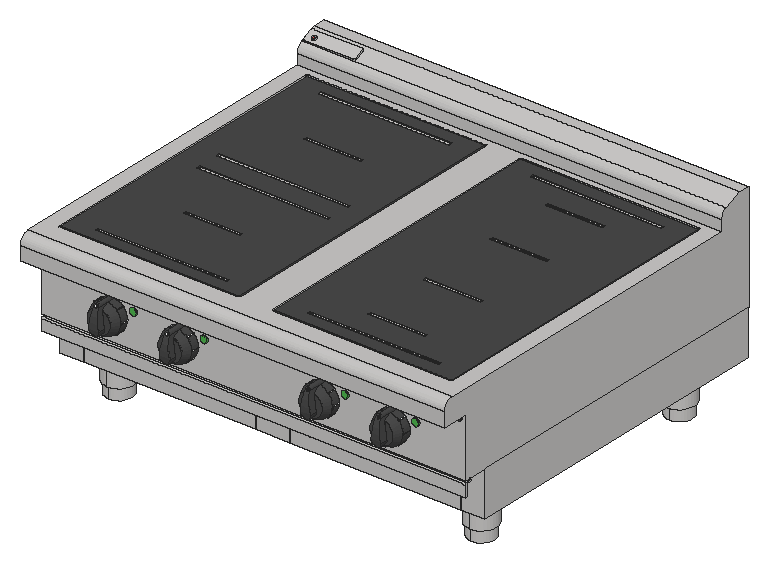
Revit family "QF_Moffat_INL8400R3F-B_Induction Cooktop_cat", category Specialty Equipment, Revit 2019
Family settings
  Round Connector Dimension = Use Diameter
  Part Type = Normal
  Work Plane-Based = No
  Always vertical = Yes
  Cut with Voids When Loaded = No
  Shared = No
  Room Calculation Point = No
Parameters (values of type "IN511F-B")
  Weight in Kilograms = 105
  Watts = 17 W
  Volts = 400 V
  URL Cutsheet = ""
  Specification by User = ""
  Specification by Manufacturer = ""
  Show Logo [instance] = yes
  Serial Number = ""
  Seismic Rating = ""
  SMACNA No = ""
  Revision Code = ""
  Phase = 3
  Number of Poles = 1
  NAFEM Spec ID Number = ""
  Model = "INL8400R3F-B"
  Min Ckt Ampacity = 0 A
  Max Overcurrent Protection = 0 A
  Masterspec = ""
  Manufacturer = "Moffat"
  Length = 900 mm
  Item Number = ""
  Installed By = ""
  Identify Quantity as Lot = yes
  Height = 410 mm
  HP = ""
  Furnished By = ""
  Foodservice Equipment Identifier = yes
  FL Amps = 24 A
  Electrical Remarks = ""
  Electric Connection Type = ""
  Elec Conn RI Height = 0 mm
  Elec Conn Connection Height = 0 mm
  Description = "Induction Cooktop"
  Depth = 805 mm
  Cycle = 50 Hz
  Conn Plug = ""
  Conn Conduit = yes
  CSI MasterFormat = ""
  Apparent Power = if(Phase = 3, Volts * FL Amps * 1.73, Volts * FL Amps)  # 16608 VA
Reference planes
  plane 1 "BACK": y = 0
  plane 2: z = 0
  plane 3 "LEFT": x = 0
  plane 4 "RIGHT": x = 900
  plane 5 "FRONT": y = -805
  plane 6 "TOP": z = 410
  plane 7 "Center Y": x = 450
  plane 8 "Center X": y = -402.5
  plane 9: x = 65.5
  plane 10: y = -30
  plane 11: x = 770
  plane 12: z = 85
  plane 13: y = -100
  plane 14: y = -625
  plane 15: y = -70
  plane 16: z = 355
  plane 17: z = 75
  plane 18: x = 834.5
Forms (mm)
  Extrusion 1, solid, material "QF_Metal_Stainless_Polished"
    sketch origin (0, 0, 0) x (0, 1, 0) y (0, 0, 1)
      loop
        line (0, 180) -> (0, 410) -> (-23.147, 410) -> (-57.632, 395.362)
        arc (-57.632, 395.362) -> (-66.628, 387.88) -> (-70, 376.676) r 20.3
        line (-70, 376.676) -> (-70, 355) -> (-784.417, 355)
        arc (-784.417, 355) -> (-798.971, 348.971) -> (-805, 334.417) r 20.583
        line (-805, 334.417) -> (-805, 305) -> (-749, 305) -> (-749, 180) -> (0, 180)
    from 0 to 900
  Extrusion 2, void
    sketch origin (0, -784.171, 355) x (0, 1, 0) y (-1, 0, 0)
      loop
        arc (699.341, -37.323) -> (697.584, -33.08) -> (693.341, -31.323) r 6
        line (693.341, -31.323) -> (45.245, -31.323)
        arc (45.245, -31.323) -> (41.002, -33.08) -> (39.245, -37.323) r 6
        line (39.245, -37.323) -> (39.245, -410.105)
        arc (39.245, -410.105) -> (41.002, -414.347) -> (45.245, -416.105) r 6
        line (45.245, -416.105) -> (693.341, -416.105)
        arc (693.341, -416.105) -> (697.584, -414.347) -> (699.341, -410.105) r 6
        line (699.341, -410.105) -> (699.341, -37.323)
      loop
        line (699.341, -862.677) -> (699.341, -489.895)
        arc (699.341, -489.895) -> (697.584, -485.653) -> (693.341, -483.895) r 6
        line (693.341, -483.895) -> (45.245, -483.895)
        arc (45.245, -483.895) -> (41.002, -485.653) -> (39.245, -489.895) r 6
        line (39.245, -489.895) -> (39.245, -862.677)
        arc (39.245, -862.677) -> (41.002, -866.92) -> (45.245, -868.677) r 6
        line (45.245, -868.677) -> (693.341, -868.677)
        arc (693.341, -868.677) -> (697.584, -866.92) -> (699.341, -862.677) r 6
    from 0 to -9.5
  Extrusion 3, solid, material "QF_Plastic_Black_Smooth"
    sketch origin (0, -784.171, 355) x (0, 1, 0) y (-1, 0, 0)
      loop
        line (695.341, -410.105) -> (695.341, -37.323)
        arc (695.341, -37.323) -> (694.755, -35.908) -> (693.341, -35.323) r 2
        line (693.341, -35.323) -> (45.245, -35.323)
        arc (45.245, -35.323) -> (43.831, -35.908) -> (43.245, -37.323) r 2
        line (43.245, -37.323) -> (43.245, -410.105)
        arc (43.245, -410.105) -> (43.831, -411.519) -> (45.245, -412.105) r 2
        line (45.245, -412.105) -> (693.341, -412.105)
        arc (693.341, -412.105) -> (694.755, -411.519) -> (695.341, -410.105) r 2
      loop
        line (667.194, -86.598) -> (661.194, -86.598) -> (661.194, -363.75) -> (667.194, -363.75) -> (667.194, -86.598)
      loop
        line (526.611, -163.924) -> (526.611, -283.924) -> (532.611, -283.924) -> (532.611, -163.924) -> (526.611, -163.924)
      loop
        line (398.444, -86.598) -> (392.444, -86.598) -> (392.444, -363.75) -> (398.444, -363.75) -> (398.444, -86.598)
      loop
        line (345.944, -86.598) -> (339.944, -86.598) -> (339.944, -363.75) -> (345.944, -363.75) -> (345.944, -86.598)
      loop
        line (206.611, -163.924) -> (206.611, -283.924) -> (212.611, -283.924) -> (212.611, -163.924) -> (206.611, -163.924)
      loop
        line (77.194, -86.598) -> (71.194, -86.598) -> (71.194, -363.75) -> (77.194, -363.75) -> (77.194, -86.598)
      loop
        arc (695.341, -489.895) -> (694.755, -488.481) -> (693.341, -487.895) r 2
        line (693.341, -487.895) -> (45.245, -487.895)
        arc (45.245, -487.895) -> (43.831, -488.481) -> (43.245, -489.895) r 2
        line (43.245, -489.895) -> (43.245, -862.677)
        arc (43.245, -862.677) -> (43.831, -864.092) -> (45.245, -864.677) r 2
        line (45.245, -864.677) -> (693.341, -864.677)
        arc (693.341, -864.677) -> (694.755, -864.092) -> (695.341, -862.677) r 2
        line (695.341, -862.677) -> (695.341, -489.895)
      loop
        line (667.194, -813.402) -> (667.194, -536.25) -> (661.194, -536.25) -> (661.194, -813.402) -> (667.194, -813.402)
      loop
        line (601.611, -736.076) -> (607.611, -736.076) -> (607.611, -616.076) -> (601.611, -616.076) -> (601.611, -736.076)
      loop
        line (279.111, -736.076) -> (285.111, -736.076) -> (285.111, -616.076) -> (279.111, -616.076) -> (279.111, -736.076)
      loop
        line (77.194, -813.402) -> (77.194, -536.25) -> (71.194, -536.25) -> (71.194, -813.402) -> (77.194, -813.402)
      loop
        line (454.501, -736.076) -> (460.501, -736.076) -> (460.501, -616.076) -> (454.501, -616.076) -> (454.501, -736.076)
      loop
        line (131.211, -736.076) -> (137.211, -736.076) -> (137.211, -616.076) -> (131.211, -616.076) -> (131.211, -736.076)
    from 0 to -9.5
  Extrusion 4, solid, material "QF_Metal_Stainless_Polished"
    sketch origin (0, 0, 40) x (0, 1, 0) y (0, 0, 1)
      loop
        line (-739.467, 140) -> (-738.192, 134.838)
        arc (-738.192, 134.838) -> (-738.307, 134.302) -> (-738.799, 134.063) r 0.625
        line (-738.799, 134.063) -> (-746.111, 134.063)
        arc (-746.111, 134.063) -> (-748.011, 133.276) -> (-748.797, 131.377) r 2.686
        line (-748.797, 131.377) -> (-748.797, 107.627) -> (-747.197, 107.627) -> (-747.197, 131.242)
        arc (-747.197, 131.242) -> (-746.84, 132.105) -> (-745.976, 132.463) r 1.221
        line (-745.976, 132.463) -> (-738.755, 132.463)
        arc (-738.755, 132.463) -> (-737.028, 133.304) -> (-736.625, 135.182) r 2.194
        line (-736.625, 135.182) -> (-737.815, 140) -> (-739.467, 140)
    from 0 to 900
  Extrusion 5, solid, material "QF_Plastic_Black_Smooth"
    sketch origin (0, -749, 181.875) x (0, 0, 1) y (-1, 0, 0)
      loop
        circle (112.843, -13.157) r 5
      loop
        circle (112.843, -886.843) r 5
    from 0 to 1.6
  Extrusion 6, solid, material "QF_Metal_Stainless_Polished"
    sketch origin (450, -699, 85) x (0, 1, 0) y (1, 0, 0)
      loop
        circle (669, 320) r 6.35
    from 0 to 10
  Extrusion 7, solid, material "QF_Metal_Stainless_Polished"
    sketch origin (0, -699, 85) x (1, 0, 0) y (0, -1, 0)
      loop
        line (0, -699) -> (900, -699) -> (900, 0) -> (849.2, 0) -> (849.2, -25.4) -> (485.8, -25.4) -> (485.8, 0) -> (414.2, 0) -> (414.2, -25.4) -> (50.8, -25.4) -> (50.8, 0) -> (0, 0) -> (0, -699)
    from 0 to -95
  Extrusion 8, solid, material "QF_Metal_Stainless_Polished"
    sketch origin (50.8, -30, 85) x (0, 1, 0) y (0, 0, 1)
      loop
        line (-669, 0) -> (-643.6, 0) -> (-643.6, 26.45) -> (-669, 26.45) -> (-669, 0)
      loop
        line (-669, 32.45) -> (-643.6, 32.45) -> (-643.6, 66.4) -> (-669, 66.4) -> (-669, 32.45)
      loop
        line (-669, 67.4) -> (-643.6, 67.4) -> (-643.6, 95) -> (-669, 95) -> (-669, 67.4)
    from 0 to 363.4
  Revolve 9, solid, material "QF_Metal_Stainless_Polished"
    sketch origin (65.5, -4572, -304.8) x (0, 0, -1) y (0, -1, 0)
      loop
        line (-304.8, -4499.5) -> (-304.8, -4472) -> (-389.8, -4472) -> (-389.8, -4503.75) -> (-329.8, -4503.75) -> (-329.8, -4499.5) -> (-304.8, -4499.5)
      axis (-389.8, -4472) -> (-304.8, -4472)
    angle from 0 to 360
  Revolve 10, solid, material "QF_Metal_Stainless_Polished"
    sketch origin (65.5, -4572, -304.8) x (0, 0, -1) y (0, -1, 0)
      loop
        line (-304.8, -3974.5) -> (-304.8, -3947) -> (-389.8, -3947) -> (-389.8, -3978.75) -> (-329.8, -3978.75) -> (-329.8, -3974.5) -> (-304.8, -3974.5)
      axis (-389.8, -3947) -> (-304.8, -3947)
    angle from 0 to 360
  Revolve 11, solid, material "QF_Metal_Stainless_Polished"
    sketch origin (834.5, -4572, -304.8) x (0, 0, -1) y (0, 1, 0)
      loop
        line (-304.8, 4499.5) -> (-329.8, 4499.5) -> (-329.8, 4503.75) -> (-389.8, 4503.75) -> (-389.8, 4472) -> (-304.8, 4472) -> (-304.8, 4499.5)
      axis (-389.8, 4472) -> (-304.8, 4472)
    angle from 0 to 360
  Revolve 12, solid, material "QF_Metal_Stainless_Polished"
    sketch origin (834.5, -4572, -304.8) x (0, 0, -1) y (0, 1, 0)
      loop
        line (-304.8, 3974.5) -> (-329.8, 3974.5) -> (-329.8, 3978.75) -> (-389.8, 3978.75) -> (-389.8, 3947) -> (-304.8, 3947) -> (-304.8, 3974.5)
      axis (-389.8, 3947) -> (-304.8, 3947)
    angle from 0 to 360
  Extrusion 13, solid, material "QF_Metal_Stainless_Polished"
    sketch origin (900, 0, 0) x (-1, 0, 0) y (0, -1, 0)
      loop
        line (536.25, 122.976) -> (536.25, 116.976) -> (813.402, 116.976) -> (813.402, 122.976) -> (536.25, 122.976)
      loop
        line (736.076, 251.56) -> (736.076, 257.56) -> (616.076, 257.56) -> (616.076, 251.56) -> (736.076, 251.56)
      loop
        line (813.402, 385.726) -> (813.402, 391.726) -> (536.25, 391.726) -> (536.25, 385.726) -> (813.402, 385.726)
      loop
        line (813.402, 438.226) -> (813.402, 444.226) -> (536.25, 444.226) -> (536.25, 438.226) -> (813.402, 438.226)
      loop
        line (736.076, 571.56) -> (736.076, 577.56) -> (616.076, 577.56) -> (616.076, 571.56) -> (736.076, 571.56)
      loop
        line (536.25, 712.976) -> (536.25, 706.976) -> (813.402, 706.976) -> (813.402, 712.976) -> (536.25, 712.976)
      loop
        line (86.598, 712.976) -> (86.598, 706.976) -> (363.75, 706.976) -> (363.75, 712.976) -> (86.598, 712.976)
      loop
        line (163.924, 652.959) -> (163.924, 646.959) -> (283.924, 646.959) -> (283.924, 652.959) -> (163.924, 652.959)
      loop
        line (163.924, 505.06) -> (163.924, 499.06) -> (283.924, 499.06) -> (283.924, 505.06) -> (163.924, 505.06)
      loop
        line (163.924, 329.669) -> (163.924, 323.669) -> (283.924, 323.669) -> (283.924, 329.669) -> (163.924, 329.669)
      loop
        line (163.924, 182.56) -> (163.924, 176.56) -> (283.924, 176.56) -> (283.924, 182.56) -> (163.924, 182.56)
      loop
        line (86.598, 122.976) -> (86.598, 116.976) -> (363.75, 116.976) -> (363.75, 122.976) -> (86.598, 122.976)
    from 355 to 345.5
  Extrusion 14, solid, material "QF_Paint_Green"
    sketch origin (63.231, -748.999, 153.75) x (0, 0, 1) y (-1, 0, 0)
      loop
        circle (100.3, -282.5) r 7.15
    from 0 to 1.6
  Extrusion 15, solid, material "QF_Plastic_Black_Smooth"
    sketch origin (75, -748.999, 165.625) x (0, 0, 1) y (-1, 0, 0)
      loop
        circle (112.843, -225) r 5
    from 0 to 1.6
  Extrusion 16, solid, material "QF_Paint_Green"
    sketch origin (-86.769, -748.999, 153.75) x (0, 0, 1) y (-1, 0, 0)
      loop
        circle (100.3, -282.5) r 7.15
    from 0 to 1.6
  Extrusion 17, solid, material "QF_Plastic_Black_Smooth"
    sketch origin (-75, -748.999, 165.625) x (0, 0, 1) y (-1, 0, 0)
      loop
        circle (112.843, -225) r 5
    from 0 to 1.6
  Extrusion 18, solid, material "QF_Paint_Green"
    sketch origin (511.981, -748.999, 153.75) x (0, 0, 1) y (-1, 0, 0)
      loop
        circle (100.3, -282.5) r 7.15
    from 0 to 1.6
  Extrusion 19, solid, material "QF_Plastic_Black_Smooth"
    sketch origin (523.75, -748.999, 165.625) x (0, 0, 1) y (-1, 0, 0)
      loop
        circle (112.843, -225) r 5
    from 0 to 1.6
  Extrusion 20, solid, material "QF_Paint_Green"
    sketch origin (361.981, -748.999, 153.75) x (0, 0, 1) y (-1, 0, 0)
      loop
        circle (100.3, -282.5) r 7.15
    from 0 to 1.6
  Extrusion 21, solid, material "QF_Plastic_Black_Smooth"
    sketch origin (373.75, -748.999, 165.625) x (0, 0, 1) y (-1, 0, 0)
      loop
        circle (112.843, -225) r 5
    from 0 to 1.6
  Extrusion 22, solid, material "QF_Metal_Stainless_Polished"
    sketch origin (849.2, -30, 85) x (0, 1, 0) y (0, 0, -1)
      loop
        line (-669, 0) -> (-669, -26.45) -> (-643.6, -26.45) -> (-643.6, 0) -> (-669, 0)
      loop
        line (-669, -32.45) -> (-669, -66.4) -> (-643.6, -66.4) -> (-643.6, -32.45) -> (-669, -32.45)
      loop
        line (-669, -67.4) -> (-669, -95) -> (-643.6, -95) -> (-643.6, -67.4) -> (-669, -67.4)
    from 0 to 363.4
Cuts and joins
  Extrusion 2 cuts Extrusion 1
Lines and regions (mm)
  symbolic lines
    curve 1: line (0, 0, 0) -> (900, 0, 0)
    curve 2: line (0, -805, 0) -> (0, 0, 0)
    curve 3: line (900, -805, 0) -> (0, -805, 0)
    curve 4: line (900, 0, 0) -> (900, -805, 0)
    curve 5: line (0, -18.182, 0) -> (900, -18.182, 0)
    curve 6: line (0, -70, 0) -> (900, -70, 0)
    curve 7: line (37.323, -84.83, 0) -> (410.105, -84.83, 0)
    curve 8: arc (410.105, -84.83, 0) -> (414.347, -86.587, 0) -> (416.105, -90.83, 0) r 6
    curve 9: line (416.105, -90.83, 0) -> (416.105, -738.926, 0)
    curve 10: arc (416.105, -738.926, 0) -> (414.347, -743.168, 0) -> (410.105, -744.926, 0) r 6
    curve 11: line (410.105, -744.926, 0) -> (37.323, -744.926, 0)
    curve 12: arc (37.323, -744.926, 0) -> (33.08, -743.168, 0) -> (31.323, -738.926, 0) r 6
    curve 13: line (31.323, -738.926, 0) -> (31.323, -90.83, 0)
    curve 14: arc (31.323, -90.83, 0) -> (33.08, -86.587, 0) -> (37.323, -84.83, 0) r 6
    curve 15: line (410.105, -88.83, 0) -> (37.323, -88.83, 0)
    curve 16: arc (37.323, -88.83, 0) -> (35.908, -89.415, 0) -> (35.323, -90.83, 0) r 2
    curve 17: line (35.323, -90.83, 0) -> (35.323, -738.926, 0)
    curve 18: arc (35.323, -738.926, 0) -> (35.908, -740.34, 0) -> (37.323, -740.926, 0) r 2
    curve 19: line (37.323, -740.926, 0) -> (410.105, -740.926, 0)
    curve 20: arc (410.105, -740.926, 0) -> (411.519, -740.34, 0) -> (412.105, -738.926, 0) r 2
    curve 21: line (412.105, -738.926, 0) -> (412.105, -90.83, 0)
    curve 22: arc (412.105, -90.83, 0) -> (411.519, -89.415, 0) -> (410.105, -88.83, 0) r 2
    curve 23: line (416.105, -738.926, 0) -> (416.105, -90.83, 0)
    curve 24: line (412.105, -90.83, 0) -> (412.105, -738.926, 0)
    curve 25: line (862.677, -84.83, 0) -> (489.895, -84.83, 0)
    curve 26: arc (489.895, -84.83, 0) -> (485.653, -86.587, 0) -> (483.895, -90.83, 0) r 6
    curve 27: arc (483.895, -738.926, 0) -> (485.653, -743.168, 0) -> (489.895, -744.926, 0) r 6
    curve 28: line (489.895, -744.926, 0) -> (862.677, -744.926, 0)
    curve 29: arc (862.677, -744.926, 0) -> (866.92, -743.168, 0) -> (868.677, -738.926, 0) r 6
    curve 30: line (868.677, -738.926, 0) -> (868.677, -90.83, 0)
    curve 31: arc (868.677, -90.83, 0) -> (866.92, -86.587, 0) -> (862.677, -84.83, 0) r 6
    curve 32: line (489.895, -88.83, 0) -> (862.677, -88.83, 0)
    curve 33: arc (862.677, -88.83, 0) -> (864.092, -89.415, 0) -> (864.677, -90.83, 0) r 2
    curve 34: line (864.677, -90.83, 0) -> (864.677, -738.926, 0)
    curve 35: arc (864.677, -738.926, 0) -> (864.092, -740.34, 0) -> (862.677, -740.926, 0) r 2
    curve 36: line (862.677, -740.926, 0) -> (489.895, -740.926, 0)
    curve 37: arc (489.895, -740.926, 0) -> (488.481, -740.34, 0) -> (487.895, -738.926, 0) r 2
    curve 38: arc (487.895, -90.83, 0) -> (488.481, -89.415, 0) -> (489.895, -88.83, 0) r 2
    curve 39: line (487.895, -90.83, 0) -> (487.895, -738.926, 0)
    curve 40: arc (487.895, -738.926, 0) -> (488.481, -740.34, 0) -> (489.895, -740.926, 0) r 2
    curve 41: line (489.895, -740.926, 0) -> (862.677, -740.926, 0)
    curve 42: arc (862.677, -740.926, 0) -> (864.092, -740.34, 0) -> (864.677, -738.926, 0) r 2
    curve 43: line (864.677, -738.926, 0) -> (864.677, -90.83, 0)
    curve 44: arc (864.677, -90.83, 0) -> (864.092, -89.415, 0) -> (862.677, -88.83, 0) r 2
    curve 45: line (862.677, -88.83, 0) -> (489.895, -88.83, 0)
    curve 46: arc (489.895, -88.83, 0) -> (488.481, -89.415, 0) -> (487.895, -90.83, 0) r 2
    curve 47: line (483.895, -90.83, 0) -> (483.895, -738.926, 0)
    curve 48: arc (483.895, -738.926, 0) -> (485.653, -743.168, 0) -> (489.895, -744.926, 0) r 6
    curve 49: line (489.895, -744.926, 0) -> (862.677, -744.926, 0)
    curve 50: arc (862.677, -744.926, 0) -> (866.92, -743.168, 0) -> (868.677, -738.926, 0) r 6
    curve 51: line (868.677, -738.926, 0) -> (868.677, -90.83, 0)
    curve 52: arc (868.677, -90.83, 0) -> (866.92, -86.587, 0) -> (862.677, -84.83, 0) r 6
    curve 53: line (862.677, -84.83, 0) -> (489.895, -84.83, 0)
    curve 54: arc (489.895, -84.83, 0) -> (485.653, -86.587, 0) -> (483.895, -90.83, 0) r 6
    curve 55: line (86.598, -122.976, 0) -> (363.75, -122.976, 0)
    curve 56: line (363.75, -122.976, 0) -> (363.75, -116.976, 0)
    curve 57: line (363.75, -116.976, 0) -> (86.598, -116.976, 0)
    curve 58: line (86.598, -116.976, 0) -> (86.598, -122.976, 0)
    curve 59: line (283.924, -251.56, 0) -> (163.924, -251.56, 0)
    curve 60: line (163.924, -251.56, 0) -> (163.924, -257.56, 0)
    curve 61: line (163.924, -257.56, 0) -> (283.924, -257.56, 0)
    curve 62: line (283.924, -257.56, 0) -> (283.924, -251.56, 0)
    curve 63: line (536.25, -122.976, 0) -> (813.402, -122.976, 0)
    curve 64: line (813.402, -122.976, 0) -> (813.402, -116.976, 0)
    curve 65: line (813.402, -116.976, 0) -> (536.25, -116.976, 0)
    curve 66: line (536.25, -116.976, 0) -> (536.25, -122.976, 0)
    curve 67: line (736.076, -176.56, 0) -> (616.076, -176.56, 0)
    curve 68: line (616.076, -176.56, 0) -> (616.076, -182.56, 0)
    curve 69: line (616.076, -182.56, 0) -> (736.076, -182.56, 0)
    curve 70: line (736.076, -182.56, 0) -> (736.076, -176.56, 0)
    curve 71: line (736.076, -323.669, 0) -> (616.076, -323.669, 0)
    curve 72: line (616.076, -323.669, 0) -> (616.076, -329.669, 0)
    curve 73: line (616.076, -329.669, 0) -> (736.076, -329.669, 0)
    curve 74: line (736.076, -329.669, 0) -> (736.076, -323.669, 0)
    curve 75: line (736.076, -499.06, 0) -> (616.076, -499.06, 0)
    curve 76: line (616.076, -499.06, 0) -> (616.076, -505.06, 0)
    curve 77: line (616.076, -505.06, 0) -> (736.076, -505.06, 0)
    curve 78: line (736.076, -505.06, 0) -> (736.076, -499.06, 0)
    curve 79: line (736.076, -646.959, 0) -> (616.076, -646.959, 0)
    curve 80: line (616.076, -646.959, 0) -> (616.076, -652.959, 0)
    curve 81: line (616.076, -652.959, 0) -> (736.076, -652.959, 0)
    curve 82: line (736.076, -652.959, 0) -> (736.076, -646.959, 0)
    curve 83: line (813.402, -706.976, 0) -> (536.25, -706.976, 0)
    curve 84: line (536.25, -706.976, 0) -> (536.25, -712.976, 0)
    curve 85: line (536.25, -712.976, 0) -> (813.402, -712.976, 0)
    curve 86: line (813.402, -712.976, 0) -> (813.402, -706.976, 0)
    curve 87: line (86.598, -712.976, 0) -> (363.75, -712.976, 0)
    curve 88: line (363.75, -712.976, 0) -> (363.75, -706.976, 0)
    curve 89: line (363.75, -706.976, 0) -> (86.598, -706.976, 0)
    curve 90: line (86.598, -706.976, 0) -> (86.598, -712.976, 0)
    curve 91: line (283.924, -577.56, 0) -> (163.924, -577.56, 0)
    curve 92: line (163.924, -577.56, 0) -> (163.924, -571.56, 0)
    curve 93: line (163.924, -571.56, 0) -> (283.924, -571.56, 0)
    curve 94: line (283.924, -571.56, 0) -> (283.924, -577.56, 0)
    curve 95: line (86.598, -444.226, 0) -> (363.75, -444.226, 0)
    curve 96: line (363.75, -444.226, 0) -> (363.75, -438.226, 0)
    curve 97: line (363.75, -438.226, 0) -> (86.598, -438.226, 0)
    curve 98: line (86.598, -438.226, 0) -> (86.598, -444.226, 0)
    curve 99: line (86.598, -391.726, 0) -> (363.75, -391.726, 0)
    curve 100: line (363.75, -391.726, 0) -> (363.75, -385.726, 0)
    curve 101: line (363.75, -385.726, 0) -> (86.598, -385.726, 0)
    curve 102: line (86.598, -385.726, 0) -> (86.598, -391.726, 0)
Dimensions and locks
  equal spacing: plane 3 "LEFT", plane 7 "Center Y", plane 4 "RIGHT"
  "Length": plane 3 "LEFT" to plane 4 "RIGHT"
  equal spacing: plane 5 "FRONT", plane 8 "Center X", plane 1 "BACK"
  "Depth": plane 5 "FRONT" to plane 1 "BACK"
  "Height": plane 6 "TOP" to level
  plane 4 "RIGHT" to plane 3 "LEFT" = 900 mm
  plane 1 "BACK" to plane 5 "FRONT" = 805 mm
  plane 6 "TOP" to plane 2 = 410 mm
  locked: plane 11 to plane 4 "RIGHT" at 130
  plane 1 "BACK" to plane 10 = 30 mm
  plane 1 "BACK" to plane 13 to plane 14 = 100 mm, 525 mm
  plane 1 "BACK" to plane 15 = 70 mm
  plane 16 to level = 355 mm
  level to plane 12 = 85 mm
  plane 17 to level = 75 mm
  plane 11 to plane 4 "RIGHT" = 130 mm
  plane 18 to plane 9 = 769 mm
  locked: plane 4 "RIGHT" to plane 18 at 65.5
  aligned and locked: level to plane 2
  aligned and locked: plane 18 to Revolve 12
  aligned and locked: plane 18 to Revolve 11
  aligned and locked: Extrusion 7 sketch curve to plane 4 "RIGHT"
  aligned and locked: Extrusion 4 to plane 4 "RIGHT"
  aligned and locked: Extrusion 22 to Extrusion 7  (x2)
Automatic sketch dimensions
  Extrusion 4 sketch curve to plane 5 "FRONT" = 56.203 mm
  Extrusion 4 sketch curve to Extrusion 4 sketch curve = 1.6 mm
  Extrusion 4 sketch curve to Extrusion 4 sketch curve = 1.086 mm
  Extrusion 4 sketch curve to Extrusion 4 sketch curve = 0.135 mm  (x2)
  Extrusion 4 sketch curve to Extrusion 4 sketch curve = 6.644 mm
  Extrusion 4 sketch curve to Extrusion 4 sketch curve = 0.668 mm
  Extrusion 4 sketch curve to Extrusion 4 sketch curve = 0.044 mm
  Extrusion 4 sketch curve to Extrusion 4 sketch curve = 0.563 mm
  Extrusion 4 sketch curve to Extrusion 4 sketch curve = 1.652 mm
  Extrusion 4 sketch curve to Extrusion 4 sketch curve = 1.567 mm
  Extrusion 4 sketch curve to plane 12 = 62.627 mm
  Extrusion 4 sketch curve to Extrusion 4 sketch curve = 23.614 mm
  Extrusion 4 sketch curve to Extrusion 4 sketch curve = 0.594 mm
  Extrusion 4 sketch curve to Extrusion 4 sketch curve = 0.032 mm
  Extrusion 4 sketch curve to Extrusion 4 sketch curve = 5.162 mm
  Extrusion 1 to Extrusion 5 sketch curve = 10.282 mm  (x2)
  Extrusion 1 to Extrusion 5 sketch curve = 13.157 mm  (x2)
  plane 12 to Revolve 9 sketch curve = 0 mm
  Revolve 9 sketch curve to level = 0 mm  (x2)
  Revolve 9 sketch curve to plane 13 = 0 mm  (x2)
  plane 15 to Revolve 9 sketch curve = 2.5 mm
  level to Revolve 9 sketch curve = 25 mm
  Revolve 9 sketch curve to plane 15 = 1.75 mm
  Revolve 9 sketch curve to Revolve 9 sketch curve = 25 mm
  plane 12 to Revolve 10 sketch curve = 0 mm
  Revolve 10 sketch curve to level = 0 mm  (x2)
  Revolve 10 sketch curve to plane 14 = 0 mm  (x2)
  level to Revolve 10 sketch curve = 25 mm
  Revolve 10 sketch curve to Revolve 10 sketch curve = 27.5 mm
  Revolve 10 sketch curve to Revolve 10 sketch curve = 31.75 mm
  Revolve 10 sketch curve to Revolve 10 sketch curve = 25 mm
  plane 12 to Revolve 11 sketch curve = 0 mm
  Revolve 11 sketch curve to level = 0 mm  (x2)
  Revolve 11 sketch curve to plane 13 = 0 mm  (x2)
  plane 15 to Revolve 11 sketch curve = 2.5 mm
  Revolve 11 sketch curve to Revolve 11 sketch curve = 25 mm
  Revolve 11 sketch curve to plane 15 = 1.75 mm
  Revolve 11 sketch curve to level = 25 mm
  plane 12 to Revolve 12 sketch curve = 0 mm
  Revolve 12 sketch curve to level = 0 mm  (x2)
  Revolve 12 sketch curve to plane 14 = 0 mm  (x2)
  level to Revolve 12 sketch curve = 25 mm
  Revolve 12 sketch curve to plane 14 = 27.5 mm
  Revolve 12 sketch curve to Revolve 12 sketch curve = 4.25 mm
  Revolve 12 sketch curve to Revolve 12 sketch curve = 25 mm
  Extrusion 16 sketch curve to plane 16 = 100.95 mm
  Extrusion 16 sketch curve to plane 9 = 130.231 mm
  Extrusion 17 sketch curve to plane 16 = 76.532 mm
  Extrusion 17 sketch curve to plane 9 = 84.5 mm
  Extrusion 18 sketch curve to plane 11 = 24.481 mm
  Extrusion 18 sketch curve to plane 16 = 100.95 mm
  Extrusion 19 sketch curve to plane 16 = 76.532 mm
  plane 11 to Extrusion 19 sketch curve = 21.25 mm
  plane 12 to Extrusion 22 sketch curve = 0 mm
  plane 14 to Extrusion 22 sketch curve = 74 mm
  Extrusion 22 sketch curve to Extrusion 22 sketch curve = 0 mm  (x4)
  Extrusion 22 sketch curve to Extrusion 22 sketch curve = 25.4 mm
  Extrusion 22 sketch curve to plane 12 = 26.45 mm
  Extrusion 22 sketch curve to Extrusion 22 sketch curve = 6 mm
  Extrusion 22 sketch curve to Extrusion 22 sketch curve = 33.95 mm
  Extrusion 22 sketch curve to Extrusion 22 sketch curve = 1 mm
  Extrusion 22 sketch curve to Extrusion 22 sketch curve = 27.6 mm
  Extrusion 7 to Extrusion 6 sketch curve = 30 mm
  Extrusion 6 sketch curve to Extrusion 7 = 79.2 mm
  Extrusion 7 sketch curve to plane 3 "LEFT" = 0 mm
  plane 1 "BACK" to Extrusion 7 sketch curve = 0 mm
  plane 9 to Extrusion 7 sketch curve = 14.7 mm
  Extrusion 7 sketch curve to plane 7 "Center Y" = 35.8 mm
  plane 7 "Center Y" to Extrusion 7 sketch curve = 35.8 mm
  plane 18 to Extrusion 7 sketch curve = 14.7 mm
  plane 14 to Extrusion 7 sketch curve = 48.6 mm  (x2)
  Extrusion 7 sketch curve to Extrusion 7 sketch curve = 25.4 mm  (x3)
  Extrusion 8 sketch curve to Extrusion 7 = 0 mm  (x8)
  Extrusion 7 to Extrusion 8 sketch curve = 26.45 mm
  Extrusion 8 sketch curve to Extrusion 8 sketch curve = 6 mm
  Extrusion 7 to Extrusion 8 sketch curve = 28.6 mm
  Extrusion 8 sketch curve to Extrusion 8 sketch curve = 1 mm
  Extrusion 14 sketch curve to plane 7 "Center Y" = 104.269 mm
  Extrusion 14 sketch curve to plane 16 = 100.95 mm
  Extrusion 15 sketch curve to plane 16 = 76.532 mm
  Extrusion 15 sketch curve to plane 7 "Center Y" = 150 mm
  Extrusion 20 sketch curve to plane 16 = 100.95 mm
  plane 7 "Center Y" to Extrusion 20 sketch curve = 194.481 mm
  Extrusion 21 sketch curve to plane 16 = 76.532 mm
  plane 7 "Center Y" to Extrusion 21 sketch curve = 148.75 mm
  Extrusion 2 sketch curve to Extrusion 1 = 39.492 mm  (x2)
  Extrusion 2 sketch curve to Extrusion 2 sketch curve = 6 mm  (x6)
  Extrusion 1 to Extrusion 2 sketch curve = 20.83 mm  (x4)
  Extrusion 1 to Extrusion 2 sketch curve = 31.323 mm
  Extrusion 2 sketch curve to Extrusion 2 sketch curve = 372.782 mm
  Extrusion 2 sketch curve to Extrusion 2 sketch curve = 67.791 mm
  Extrusion 1 to Extrusion 2 sketch curve = 37.323 mm
  Extrusion 3 sketch curve to Extrusion 1 = 43.492 mm  (x2)
  Extrusion 3 sketch curve to Extrusion 3 sketch curve = 2 mm  (x6)
  Extrusion 3 sketch curve to Extrusion 3 sketch curve = 25.949 mm  (x2)
  Extrusion 3 sketch curve to Extrusion 3 sketch curve = 6 mm  (x12)
  Extrusion 3 sketch curve to Extrusion 3 sketch curve = 54.017 mm
  Extrusion 3 sketch curve to Extrusion 3 sketch curve = 129.416 mm
  Extrusion 3 sketch curve to Extrusion 3 sketch curve = 141.899 mm
  Extrusion 3 sketch curve to Extrusion 3 sketch curve = 127.334 mm
  Extrusion 3 sketch curve to Extrusion 3 sketch curve = 46.5 mm
  Extrusion 3 sketch curve to Extrusion 3 sketch curve = 169.391 mm
  Extrusion 3 sketch curve to Extrusion 3 sketch curve = 128.166 mm
  Extrusion 1 to Extrusion 3 sketch curve = 112.56 mm
  Extrusion 1 to Extrusion 3 sketch curve = 52.976 mm  (x2)
  Extrusion 1 to Extrusion 3 sketch curve = 20.83 mm  (x4)
  Extrusion 1 to Extrusion 3 sketch curve = 35.323 mm
  Extrusion 3 sketch curve to Extrusion 3 sketch curve = 49.275 mm  (x2)
  Extrusion 3 sketch curve to Extrusion 3 sketch curve = 77.326 mm  (x2)
  Extrusion 1 to Extrusion 3 sketch curve = 163.924 mm
  Extrusion 3 sketch curve to Extrusion 3 sketch curve = 0 mm  (x3)
  Extrusion 3 sketch curve to Extrusion 3 sketch curve = 120 mm  (x6)
  Extrusion 3 sketch curve to Extrusion 3 sketch curve = 79.826 mm  (x4)
  Extrusion 3 sketch curve to Extrusion 3 sketch curve = 46.355 mm  (x3)
  Extrusion 3 sketch curve to Extrusion 3 sketch curve = 75.791 mm
  Extrusion 3 sketch curve to Extrusion 3 sketch curve = 252.326 mm
  Extrusion 1 to Extrusion 3 sketch curve = 86.598 mm  (x3)
  Extrusion 1 to Extrusion 3 sketch curve = 37.323 mm
  Extrusion 13 sketch curve to plane 13 = 22.976 mm
  plane 7 "Center Y" to Extrusion 13 sketch curve = 86.25 mm  (x3)
  plane 9 to Extrusion 13 sketch curve = 21.098 mm  (x4)
  Extrusion 13 sketch curve to Extrusion 13 sketch curve = 6 mm  (x11)
  Extrusion 13 sketch curve to Extrusion 13 sketch curve = 79.826 mm  (x3)
  plane 9 to Extrusion 13 sketch curve = 98.424 mm  (x2)
  Extrusion 13 sketch curve to Extrusion 13 sketch curve = 128.584 mm
  Extrusion 13 sketch curve to plane 8 "Center X" = 16.774 mm
  Extrusion 13 sketch curve to Extrusion 13 sketch curve = 0 mm
  plane 8 "Center X" to Extrusion 13 sketch curve = 35.726 mm
  plane 14 to Extrusion 13 sketch curve = 53.44 mm
  plane 14 to Extrusion 13 sketch curve = 47.44 mm
  Extrusion 13 sketch curve to plane 14 = 81.976 mm
  Extrusion 13 sketch curve to plane 7 "Center Y" = 86.25 mm  (x2)
  plane 18 to Extrusion 13 sketch curve = 21.098 mm  (x2)
  Extrusion 13 sketch curve to plane 14 = 87.976 mm
  Extrusion 13 sketch curve to plane 11 = 33.924 mm  (x4)
  Extrusion 13 sketch curve to plane 14 = 27.959 mm
  Extrusion 13 sketch curve to Extrusion 13 sketch curve = 120 mm  (x3)
  plane 8 "Center X" to Extrusion 13 sketch curve = 102.56 mm
  Extrusion 13 sketch curve to plane 8 "Center X" = 72.831 mm
  Extrusion 13 sketch curve to plane 13 = 82.56 mm
  Extrusion 13 sketch curve to plane 13 = 16.976 mm
  Extrusion 1 sketch curve to plane 5 "FRONT" = 0 mm
  Extrusion 1 sketch curve to plane 16 = 0 mm
  Extrusion 1 sketch curve to plane 15 = 0 mm
  Extrusion 1 sketch curve to plane 6 "TOP" = 0 mm
  Extrusion 1 sketch curve to plane 1 "BACK" = 0 mm
  Extrusion 1 sketch curve to Extrusion 1 sketch curve = 20.583 mm
  Extrusion 1 sketch curve to Extrusion 1 sketch curve = 35.417 mm
  Extrusion 1 sketch curve to plane 15 = 12.368 mm
  plane 10 to Extrusion 1 sketch curve = 19.7 mm
  Extrusion 1 sketch curve to plane 10 = 6.853 mm
  Extrusion 1 sketch curve to Extrusion 1 sketch curve = 29.417 mm
  Extrusion 1 sketch curve to plane 12 = 95 mm
  plane 16 to Extrusion 1 sketch curve = 21.676 mm
  curve 8 to curve 22 = 0 mm
  curve 10 to curve 20 = 0 mm  (x2)
  curve 12 to curve 18 = 0 mm  (x2)
  curve 14 to curve 16 = 0 mm  (x2)
  curve 27 to curve 37 = 0 mm
  curve 27 to curve 40 = 0 mm
  curve 29 to curve 35 = 0 mm
  curve 33 to curve 52 = 0 mm
  curve 42 to curve 50 = 0 mm
  curve 44 to curve 52 = 0 mm
  curve 46 to curve 54 = 0 mm
  plane 1 "BACK" to curve 1 = 0 mm
  curve 1 to plane 3 "LEFT" = 0 mm
  curve 6 to plane 4 "RIGHT" = 0 mm
  plane 5 "FRONT" to curve 3 = 0 mm
  plane 15 to curve 6 = 0 mm
  plane 3 "LEFT" to curve 13 = 31.323 mm
  curve 13 to curve 17 = 4 mm
  curve 16 to curve 16 = 2 mm
  curve 17 to curve 18 = 2 mm
  curve 102 to plane 9 = 21.098 mm
  curve 57 to plane 9 = 21.098 mm
  curve 87 to plane 9 = 21.098 mm
  curve 95 to plane 9 = 21.098 mm
  curve 91 to plane 14 = 47.44 mm
  curve 91 to plane 9 = 98.424 mm
  curve 60 to plane 9 = 98.424 mm
  curve 60 to curve 61 = 120 mm
  curve 93 to plane 14 = 53.44 mm
  curve 92 to curve 93 = 120 mm
  curve 96 to plane 8 "Center X" = 41.726 mm
  curve 96 to plane 7 "Center Y" = 86.25 mm
  plane 8 "Center X" to curve 99 = 10.774 mm
  curve 99 to curve 96 = 0 mm
  plane 13 to curve 56 = 16.976 mm
  curve 56 to plane 7 "Center Y" = 86.25 mm
  curve 89 to plane 7 "Center Y" = 86.25 mm
  curve 8 to plane 13 = 9.17 mm
  curve 8 to plane 7 "Center Y" = 39.895 mm
  curve 10 to plane 7 "Center Y" = 39.895 mm
  curve 8 to curve 21 = 2 mm
  plane 7 "Center Y" to curve 47 = 33.895 mm
  curve 27 to curve 39 = 4 mm
  curve 46 to curve 45 = 2 mm
  curve 37 to curve 36 = 2 mm
  plane 13 to curve 66 = 22.976 mm
  curve 46 to curve 66 = 46.355 mm
  curve 27 to curve 85 = 46.355 mm
  curve 63 to curve 67 = 79.826 mm
  plane 11 to curve 77 = 153.924 mm
  plane 14 to curve 80 = 21.959 mm
  curve 83 to curve 80 = 79.826 mm
  plane 8 "Center X" to curve 73 = 72.831 mm
  curve 73 to curve 68 = 0 mm
  plane 11 to curve 77 = 33.924 mm
  plane 11 to curve 67 = 33.924 mm
  plane 11 to curve 71 = 33.924 mm
  plane 11 to curve 81 = 33.924 mm
  curve 63 to plane 18 = 21.098 mm
  curve 85 to plane 18 = 21.098 mm
  plane 18 to curve 42 = 28.177 mm
  curve 32 to plane 13 = 11.17 mm
  plane 18 to curve 32 = 28.177 mm
  curve 31 to curve 34 = 2 mm
  curve 49 to plane 5 "FRONT" = 60.074 mm
  curve 11 to plane 5 "FRONT" = 60.074 mm
  curve 27 to curve 84 = 25.949 mm
  curve 10 to curve 87 = 25.949 mm
  curve 85 to curve 83 = 6 mm
  curve 87 to curve 90 = 6 mm
  curve 81 to curve 79 = 6 mm
  curve 78 to plane 8 "Center X" = 102.56 mm
  curve 77 to curve 75 = 6 mm
  curve 95 to curve 98 = 6 mm
  curve 99 to curve 100 = 6 mm
  curve 73 to curve 74 = 6 mm
  plane 8 "Center X" to curve 62 = 144.94 mm
  curve 61 to curve 62 = 6 mm
  plane 13 to curve 70 = 82.56 mm
  curve 68 to curve 68 = 6 mm
  curve 58 to curve 57 = 6 mm
  curve 63 to curve 65 = 6 mm
  curve 5 to plane 10 = 11.818 mm
  radius of Extrusion 5 sketch curve = 5 mm  (x2)
  radius of Extrusion 16 sketch curve = 7.15 mm
  radius of Extrusion 17 sketch curve = 5 mm
  radius of Extrusion 18 sketch curve = 7.15 mm
  radius of Extrusion 19 sketch curve = 5 mm
  radius of Extrusion 6 sketch curve = 6.35 mm
  radius of Extrusion 14 sketch curve = 7.15 mm
  radius of Extrusion 15 sketch curve = 5 mm
  radius of Extrusion 20 sketch curve = 7.15 mm
  radius of Extrusion 21 sketch curve = 5 mm
Nested families
  nested 1: "Knob" at (267.5, -739.499, 200.75), type "Knob"
  nested 2: "Knob" at (117.5, -739.499, 200.75), type "Knob"
  nested 3: "Knob" at (716.25, -739.499, 200.75), type "Knob"
  nested 4: "Knob" at (566.25, -739.499, 200.75), type "Knob"
  nested 5: "QF_LOGO_Waldorf1" at (2, -56.925, 395.662), visible <- "Show Logo", type "QF_LOGO_Waldorf 2"
Connectors
  electrical at (770, -30, 75), driven by "Volts", driven by "Watts"
    settings: on Extrusion 6, index 3, voltage 400 V, apparent load 17 VA, apparent load phase1 0 VA, apparent load phase2 0 VA, apparent load phase3 0 VA, power factor 1, load classification "Other", number of poles 1, system type 30, power factor state 1, is connector primary yes, connector utility no, sub classification motor no, connector description "ELECTRICAL CONNECTION"
Definition of nested family "Knob"
  Parameters (values of type "Knob")
    Weight in Pounds = 0
    URL Cutsheet = ""
    Specification by User = ""
    Specification by Manufacturer = ""
    Serial Number = ""
    Seismic Rating = ""
    SMACNA No = ""
    Revision Code = ""
    NAFEM Spec ID Number = ""
    Masterspec = ""
    Length = 65 mm
    Item Number = ""
    Installed By = ""
    Identify Quantity as Lot = yes
    Height = 69.5 mm
    Furnished By = ""
    Foodservice Equipment Identifier = yes
    Depth = 59 mm
    CSI MasterFormat = ""
  Reference planes
    plane 1 "BACK": y = 0
    plane 2: z = 0
    plane 3 "LEFT": x = 0
    plane 4 "RIGHT": x = 65
    plane 5 "FRONT": y = -59
    plane 6 "TOP": z = 69.5
    plane 7 "Center Y": x = 32.5
    plane 8 "Center X": y = -29.5
  Forms (mm)
    Revolve 1, solid
      sketch origin (32.5, 175.397, 1219.2) x (0, 1, 0) y (0, 0, 1)
        loop
          line (-175.397, -1186.7) -> (-219.397, -1186.7) -> (-219.397, -1211.501) -> (-202.106, -1219.2) -> (-185.397, -1219.2) -> (-185.397, -1191.7) -> (-175.397, -1191.7) -> (-175.397, -1186.7)
        axis (-219.397, -1186.7) -> (-175.397, -1186.7)
      angle from 0 to 360
    Extrusion 2, solid
      sketch origin (32.5, 175.397, 1219.2) x (0, 1, 0) y (0, 0, 1)
        loop
          line (-202.106, -1154.2) -> (-185.397, -1154.2) -> (-185.397, -1149.7) -> (-224.105, -1149.7)
          arc (-224.105, -1149.7) -> (-233.965, -1178.467) -> (-230.696, -1208.7) r 70
          line (-230.696, -1208.7) -> (-219.397, -1208.7) -> (-219.397, -1161.899) -> (-202.106, -1154.2)
      from -15 to 15
    Extrusion 3, void
      sketch origin (0, 0, 0) x (1, 0, 0) y (0, 0, 1)
        loop
          line (27.501, 64.613) -> (22.02, 20.585)
          arc (22.02, 20.585) -> (32.792, 10.488) -> (42.986, 21.169) r 10.487
          line (42.986, 21.169) -> (37.499, 64.613)
          arc (37.499, 64.613) -> (32.5, 69.5) -> (27.501, 64.613) r 5
        loop
          line (10, 72.977) -> (10, 5.625) -> (55, 5.625) -> (55, 72.977) -> (10, 72.977)
      from 6.142 to 69.687
    Extrusion 4, solid
      sketch origin (0, -34.115, -16.916) x (1, 0, 0) y (0, 0.45399, 0.891007)
        loop
          circle (32.497, 65) r 2
      from 51.525 to 53.075
    Extrusion 5, solid
      sketch origin (32.5, -10, 32.5) x (0, 0, -1) y (-1, 0, 0)
        loop
          line (-23.54, -22.408) -> (-24.106, -22.974)
          arc (-24.106, -22.974) -> (-23.547, -23.547) -> (-22.974, -24.106) r 33.3
          line (-22.974, -24.106) -> (-22.408, -23.54)
          arc (-22.408, -23.54) -> (-22.981, -22.981) -> (-23.54, -22.408) r 32.5
        loop
          arc (-0.8, -33.29) -> (0, -33.3) -> (0.8, -33.29) r 33.3
          line (0.8, -33.29) -> (0.8, -32.49)
          arc (0.8, -32.49) -> (0, -32.5) -> (-0.8, -32.49) r 32.5
          line (-0.8, -32.49) -> (-0.8, -33.29)
        loop
          arc (23.54, -22.408) -> (22.981, -22.981) -> (22.408, -23.54) r 32.5
          line (22.408, -23.54) -> (22.974, -24.106)
          arc (22.974, -24.106) -> (23.547, -23.547) -> (24.106, -22.974) r 33.3
          line (24.106, -22.974) -> (23.54, -22.408)
        loop
          arc (-23.54, 22.408) -> (-22.981, 22.981) -> (-22.408, 23.54) r 32.5
          line (-22.408, 23.54) -> (-22.974, 24.106)
          arc (-22.974, 24.106) -> (-23.547, 23.547) -> (-24.106, 22.974) r 33.3
          line (-24.106, 22.974) -> (-23.54, 22.408)
        loop
          line (-0.8, 33.29) -> (-0.8, 32.49)
          arc (-0.8, 32.49) -> (0, 32.5) -> (0.8, 32.49) r 32.5
          line (0.8, 32.49) -> (0.8, 33.29)
          arc (0.8, 33.29) -> (0, 33.3) -> (-0.8, 33.29) r 33.3
        loop
          line (32.49, -0.8) -> (33.29, -0.8)
          arc (33.29, -0.8) -> (33.3, 0) -> (33.29, 0.8) r 33.3
          line (33.29, 0.8) -> (32.49, 0.8)
          arc (32.49, 0.8) -> (32.5, 0) -> (32.49, -0.8) r 32.5
        loop
          arc (24.106, 22.974) -> (23.547, 23.547) -> (22.974, 24.106) r 33.3
          line (22.974, 24.106) -> (22.408, 23.54)
          arc (22.408, 23.54) -> (22.981, 22.981) -> (23.54, 22.408) r 32.5
          line (23.54, 22.408) -> (24.106, 22.974)
      from 0 to -16.709
  Cuts and joins
    Extrusion 3 cuts Extrusion 2
  Dimensions and locks
    equal spacing: plane 3 "LEFT", plane 7 "Center Y", plane 4 "RIGHT"
    "Length": plane 3 "LEFT" to plane 4 "RIGHT"
    equal spacing: plane 5 "FRONT", plane 8 "Center X", plane 1 "BACK"
    "Depth": plane 5 "FRONT" to plane 1 "BACK"
    "Height": plane 6 "TOP" to level
    plane 4 "RIGHT" to plane 3 "LEFT" = 65 mm
    aligned and locked: level to plane 2
  Automatic sketch dimensions
    Revolve 1 sketch curve to level = 0 mm
    Revolve 1 sketch curve to plane 1 "BACK" = 0 mm  (x2)
    plane 1 "BACK" to Revolve 1 sketch curve = 10 mm
    plane 8 "Center X" to Revolve 1 sketch curve = 2.791 mm
    Revolve 1 sketch curve to plane 8 "Center X" = 14.5 mm
    level to Revolve 1 sketch curve = 7.699 mm
    level to Revolve 1 sketch curve = 27.5 mm
    Revolve 1 sketch curve to Revolve 1 sketch curve = 5 mm
    Revolve 1 sketch curve to Revolve 1 sketch curve = 35 mm
    Revolve 1 sketch curve to Revolve 1 sketch curve = 0 mm
    Extrusion 2 sketch curve to plane 6 "TOP" = 0 mm
    Extrusion 2 sketch curve to plane 5 "FRONT" = 3.702 mm
    Extrusion 2 sketch curve to plane 5 "FRONT" = 10.293 mm
    Extrusion 2 sketch curve to Extrusion 2 sketch curve = 11.298 mm
    plane 8 "Center X" to Extrusion 2 sketch curve = 2.791 mm
    plane 1 "BACK" to Extrusion 2 sketch curve = 10 mm
    Extrusion 2 sketch curve to plane 1 "BACK" = 11 mm
    Extrusion 2 sketch curve to plane 6 "TOP" = 4.5 mm
    Extrusion 2 sketch curve to plane 6 "TOP" = 12.199 mm
    level to Extrusion 2 sketch curve = 32.962 mm
    level to Extrusion 3 sketch curve = 5.625 mm
    Extrusion 3 sketch curve to plane 7 "Center Y" = 0 mm  (x2)
    Extrusion 3 sketch curve to plane 7 "Center Y" = 4.999 mm
    Extrusion 3 sketch curve to plane 7 "Center Y" = 10.48 mm
    plane 6 "TOP" to Extrusion 3 sketch curve = 3.477 mm
    plane 3 "LEFT" to Extrusion 3 sketch curve = 10 mm
    Extrusion 3 sketch curve to plane 6 "TOP" = 4.887 mm
    Extrusion 3 sketch curve to Extrusion 3 sketch curve = 4.999 mm
    plane 7 "Center Y" to Extrusion 3 sketch curve = 10.486 mm
    level to Extrusion 3 sketch curve = 20.585 mm
    Extrusion 3 sketch curve to Extrusion 3 sketch curve = 0.387 mm
    Extrusion 3 sketch curve to Extrusion 3 sketch curve = 0.113 mm
    plane 4 "RIGHT" to Extrusion 3 sketch curve = 10 mm
    Extrusion 5 sketch curve to Revolve 1 = 32.49 mm
    Revolve 1 to Extrusion 5 sketch curve = 32.49 mm
    Extrusion 5 sketch curve to Revolve 1 = 23.54 mm  (x2)
    Revolve 1 to Extrusion 5 sketch curve = 23.54 mm  (x2)
    Extrusion 5 sketch curve to Revolve 1 = 24.106 mm  (x2)
    Revolve 1 to Extrusion 5 sketch curve = 24.106 mm  (x2)
    Revolve 1 to Extrusion 5 sketch curve = 22.408 mm  (x2)
    Extrusion 5 sketch curve to Revolve 1 = 22.408 mm  (x2)
    Revolve 1 to Extrusion 5 sketch curve = 22.974 mm  (x2)
    Extrusion 5 sketch curve to Revolve 1 = 22.974 mm  (x2)
    Extrusion 5 sketch curve to Extrusion 5 sketch curve = 1.6 mm  (x2)
    Revolve 1 to Extrusion 5 sketch curve = 0.8 mm
    Extrusion 5 sketch curve to Revolve 1 = 0.8 mm
    Extrusion 4 sketch curve to plane 7 "Center Y" = 0.003 mm
    radius of Extrusion 5 sketch curve to Revolve 1 = 0 mm  (x7)
    radius of Revolve 1 to Extrusion 5 sketch curve = 0.8 mm  (x7)
    radius of Extrusion 4 sketch curve = 2 mm
Definition of nested family "QF_LOGO_Waldorf1"
  Parameters (values of type "QF_LOGO_Waldorf")
    Weight in Pounds = 0
    URL Cutsheet = ""
    Specification by User = ""
    Specification by Manufacturer = ""
    Serial Number = ""
    Seismic Rating = ""
    SMACNA No = ""
    Revision Code = ""
    NAFEM Spec ID Number = ""
    Masterspec = ""
    Length = 138 mm
    Item Number = ""
    Installed By = ""
    Identify Quantity as Lot = yes
    Height = 26.711 mm
    Furnished By = ""
    Foodservice Equipment Identifier = yes
    Depth = 3.175 mm
    CSI MasterFormat = ""
  Reference planes
    plane 1 "BACK": y = 0
    plane 2: z = 0
    plane 3 "LEFT": x = 0
    plane 4 "RIGHT": x = 138
    plane 5 "FRONT": y = -3.175
    plane 6 "TOP": z = 26.711
    plane 7 "Center Y": x = 69
    plane 8 "Center X": y = -1.587
  Forms (mm)
    Extrusion 1, solid
      sketch origin (0, 0, 0) x (1, 0, 0) y (0, 0.920505, 0.390731)
        loop
          line (109, 3.464) -> (109, 23.247)
          spline (109, 23.247) -> (108.966, 23.699) -> (108.864, 24.143) -> (108.696, 24.572) -> (108.464, 24.979) -> (108.173, 25.355) -> (107.828, 25.696) -> (107.435, 25.995) -> (107, 26.247) -> (106.531, 26.447) -> (106.035, 26.593) -> (105.522, 26.681) -> (105, 26.711)
          line (105, 26.711) -> (4, 26.711)
          spline (4, 26.711) -> (3.478, 26.681) -> (2.965, 26.593) -> (2.469, 26.447) -> (2, 26.247) -> (1.565, 25.995) -> (1.172, 25.696) -> (0.827, 25.355) -> (0.536, 24.979) -> (0.304, 24.572) -> (0.136, 24.143) -> (0.034, 23.699) -> (0, 23.247)
          line (0, 23.247) -> (0, 3.464)
          spline (0, 3.464) -> (0.034, 3.012) -> (0.136, 2.568) -> (0.304, 2.138) -> (0.536, 1.732) -> (0.827, 1.355) -> (1.172, 1.015) -> (1.565, 0.716) -> (2, 0.464) -> (2.469, 0.264) -> (2.965, 0.118) -> (3.478, 0.03) -> (4, 0)
          line (4, 0) -> (105, 0)
          spline (105, 0) -> (105.522, 0.03) -> (106.035, 0.118) -> (106.531, 0.264) -> (107, 0.464) -> (107.435, 0.716) -> (107.828, 1.015) -> (108.173, 1.355) -> (108.464, 1.732) -> (108.696, 2.138) -> (108.864, 2.568) -> (108.966, 3.012) -> (109, 3.464)
        loop
          line (14.75, 7.005) -> (14.75, 15.654)
          arc (14.75, 15.654) -> (10.425, 11.329) -> (14.75, 7.005) r 4.325
        loop
          line (15.25, 15.654) -> (15.25, 7.005)
          arc (15.25, 7.005) -> (19.575, 11.329) -> (15.25, 15.654) r 4.325
      from 0 to 3.2
    Extrusion 2, solid
      sketch origin (0, 0, 0) x (1, 0, 0) y (0, 0.920505, 0.390731)
        loop
          line (15.25, 15.654) -> (15.25, 7.005)
          arc (15.25, 7.005) -> (19.575, 11.329) -> (15.25, 15.654) r 4.325
      from 0 to 3.2
    Extrusion 3, solid
      sketch origin (16.271, 0, 0) x (-1, 0, 0) y (0, -0.920505, -0.390731)
        loop
          arc (1.521, -15.654) -> (5.846, -11.329) -> (1.521, -7.005) r 4.325
          line (1.521, -7.005) -> (1.521, -15.654)
      from 0 to 3.2
  Lines and regions (mm)
    Split face 1
      outline origin (0, -1.25, 2.946) x (1, 0, 0) y (0, 0.920505, 0.390731)
        loop
          spline (22.129, 16.975) -> (22.389, 15.984) -> (22.649, 15.002) -> (22.91, 14.028) -> (23.172, 13.065) -> (23.433, 12.11) -> (23.695, 11.166) -> (23.956, 10.232) -> (24.218, 9.308) -> (24.479, 8.396) -> (24.74, 7.495) -> (25, 6.605) -> (25.26, 5.728)
          line (25.26, 5.728) -> (29.463, 5.728)
          spline (29.463, 5.728) -> (29.582, 6.252) -> (29.701, 6.78) -> (29.82, 7.313) -> (29.939, 7.85) -> (30.058, 8.391) -> (30.178, 8.936) -> (30.297, 9.485) -> (30.416, 10.038) -> (30.536, 10.594) -> (30.655, 11.155) -> (30.775, 11.719) -> (30.894, 12.287)
          spline (30.894, 12.287) -> (31.018, 11.719) -> (31.142, 11.155) -> (31.266, 10.594) -> (31.39, 10.038) -> (31.514, 9.485) -> (31.638, 8.936) -> (31.762, 8.391) -> (31.885, 7.85) -> (32.009, 7.313) -> (32.133, 6.78) -> (32.256, 6.252) -> (32.379, 5.728)
          line (32.379, 5.728) -> (36.51, 5.728)
          spline (36.51, 5.728) -> (36.766, 6.605) -> (37.023, 7.495) -> (37.28, 8.396) -> (37.538, 9.308) -> (37.795, 10.232) -> (38.053, 11.166) -> (38.311, 12.11) -> (38.569, 13.065) -> (38.826, 14.028) -> (39.083, 15.002) -> (39.34, 15.984) -> (39.597, 16.975)
          line (39.597, 16.975) -> (35.637, 16.975)
          spline (35.637, 16.975) -> (35.523, 16.334) -> (35.41, 15.697) -> (35.296, 15.063) -> (35.182, 14.433) -> (35.068, 13.807) -> (34.954, 13.185) -> (34.84, 12.566) -> (34.726, 11.952) -> (34.612, 11.342) -> (34.497, 10.737) -> (34.383, 10.135) -> (34.269, 9.538)
          spline (34.269, 9.538) -> (34.138, 10.135) -> (34.008, 10.737) -> (33.877, 11.342) -> (33.746, 11.952) -> (33.616, 12.566) -> (33.485, 13.185) -> (33.354, 13.807) -> (33.224, 14.433) -> (33.093, 15.063) -> (32.963, 15.697) -> (32.833, 16.334) -> (32.703, 16.975)
          line (32.703, 16.975) -> (29.247, 16.975)
          spline (29.247, 16.975) -> (29.111, 16.334) -> (28.974, 15.697) -> (28.837, 15.063) -> (28.7, 14.433) -> (28.562, 13.807) -> (28.425, 13.185) -> (28.288, 12.566) -> (28.15, 11.952) -> (28.013, 11.342) -> (27.875, 10.737) -> (27.738, 10.135) -> (27.6, 9.538)
          spline (27.6, 9.538) -> (27.483, 10.135) -> (27.366, 10.737) -> (27.249, 11.342) -> (27.132, 11.952) -> (27.015, 12.566) -> (26.897, 13.185) -> (26.78, 13.807) -> (26.663, 14.433) -> (26.546, 15.063) -> (26.43, 15.697) -> (26.313, 16.334) -> (26.196, 16.975)
          line (26.196, 16.975) -> (22.129, 16.975)
    Split face 2
      outline origin (0, -1.25, 2.946) x (1, 0, 0) y (0, 0.920505, 0.390731)
        loop
          line (51.449, 5.728) -> (51.035, 6.606) -> (51.035, 11.169)
          spline (51.035, 11.169) -> (50.686, 12.42) -> (50.176, 13.224) -> (49.51, 13.708) -> (48.693, 13.995) -> (47.747, 14.152) -> (46.698, 14.207) -> (45.579, 14.186) -> (44.419, 14.114) -> (43.279, 13.929) -> (42.249, 13.481) -> (41.424, 12.614) -> (40.897, 11.169)
          line (40.897, 11.169) -> (44.617, 11.169) -> (44.988, 11.965)
          spline (44.988, 11.965) -> (47.294, 11.682) -> (46.856, 10.932) -> (45.527, 10.609) -> (43.858, 10.439) -> (42.259, 10.123) -> (41.078, 9.417) -> (40.563, 8.246) -> (40.689, 6.989) -> (41.407, 6.052) -> (42.774, 5.536) -> (44.847, 5.497) -> (47.306, 6.602)
          line (47.306, 6.602) -> (47.624, 5.728) -> (51.449, 5.728)
    Split face 3
      outline origin (0, -1.25, 2.946) x (1, 0, 0) y (0, 0.920505, 0.390731)
        loop
          line (47.264, 9.264) -> (44.938, 8.597)
          spline (44.938, 8.597) -> (44.508, 8.228) -> (44.402, 7.9) -> (44.548, 7.626) -> (44.877, 7.42) -> (45.317, 7.295) -> (45.797, 7.265) -> (46.252, 7.342) -> (46.65, 7.525) -> (46.971, 7.813) -> (47.194, 8.201) -> (47.298, 8.685) -> (47.264, 9.264)
    Split face 4
      outline origin (0, -1.25, 2.946) x (1, 0, 0) y (0, 0.920505, 0.390731)
        loop
          line (53.33, 16.975) -> (53.33, 5.728) -> (57.173, 5.728) -> (57.173, 16.975) -> (53.33, 16.975)
    Split face 5
      outline origin (0, -1.25, 2.946) x (1, 0, 0) y (0, 0.920505, 0.390731)
        loop
          line (65.795, 16.975) -> (65.795, 12.976)
          spline (65.795, 12.976) -> (63.839, 14.082) -> (62.087, 14.096) -> (60.633, 13.343) -> (59.574, 12.148) -> (58.99, 10.806) -> (58.867, 9.452) -> (59.156, 8.159) -> (59.81, 7) -> (60.786, 6.056) -> (62.111, 5.514) -> (63.868, 5.634) -> (66.137, 6.679)
          line (66.137, 6.679) -> (66.137, 5.728) -> (69.511, 5.728) -> (69.511, 16.975) -> (65.795, 16.975)
    Split face 6
      outline origin (0, -1.25, 2.946) x (1, 0, 0) y (0, 0.920505, 0.390731)
        loop
          spline (64.273, 7.499) -> (64.754, 7.57) -> (65.202, 7.777) -> (65.587, 8.106) -> (65.882, 8.535) -> (66.067, 9.034) -> (66.131, 9.57) -> (66.067, 10.106) -> (65.882, 10.605) -> (65.587, 11.034) -> (65.202, 11.363) -> (64.754, 11.57) -> (64.273, 11.64)
          spline (64.273, 11.64) -> (63.793, 11.57) -> (63.345, 11.363) -> (62.96, 11.034) -> (62.665, 10.605) -> (62.479, 10.106) -> (62.416, 9.57) -> (62.479, 9.034) -> (62.665, 8.535) -> (62.96, 8.106) -> (63.345, 7.777) -> (63.793, 7.57) -> (64.273, 7.499)
    Split face 7
      outline origin (0, -1.25, 2.946) x (1, 0, 0) y (0, 0.920505, 0.390731)
        loop
          spline (76.449, 5.305) -> (77.855, 5.457) -> (79.166, 5.901) -> (80.291, 6.607) -> (81.155, 7.527) -> (81.698, 8.599) -> (81.883, 9.749) -> (81.698, 10.899) -> (81.155, 11.97) -> (80.291, 12.891) -> (79.166, 13.597) -> (77.855, 14.041) -> (76.449, 14.192)
          spline (76.449, 14.192) -> (75.042, 14.041) -> (73.731, 13.597) -> (72.606, 12.891) -> (71.742, 11.97) -> (71.199, 10.899) -> (71.014, 9.749) -> (71.199, 8.599) -> (71.742, 7.527) -> (72.606, 6.607) -> (73.731, 5.901) -> (75.042, 5.457) -> (76.449, 5.305)
    Split face 8
      outline origin (0, -1.25, 2.946) x (1, 0, 0) y (0, 0.920505, 0.390731)
        loop
          spline (76.449, 7.654) -> (76.841, 7.725) -> (77.206, 7.934) -> (77.52, 8.267) -> (77.76, 8.701) -> (77.912, 9.206) -> (77.963, 9.749) -> (77.912, 10.291) -> (77.76, 10.796) -> (77.52, 11.23) -> (77.206, 11.563) -> (76.841, 11.772) -> (76.449, 11.843)
          spline (76.449, 11.843) -> (76.057, 11.772) -> (75.691, 11.563) -> (75.378, 11.23) -> (75.137, 10.796) -> (74.986, 10.291) -> (74.934, 9.749) -> (74.986, 9.206) -> (75.137, 8.701) -> (75.378, 8.267) -> (75.691, 7.934) -> (76.057, 7.725) -> (76.449, 7.654)
    Split face 9
      outline origin (0, -1.25, 2.946) x (1, 0, 0) y (0, 0.920505, 0.390731)
        loop
          line (86.998, 12.335) -> (86.998, 13.879) -> (83.479, 13.879) -> (83.479, 5.728) -> (87.312, 5.728) -> (87.312, 8.975)
          spline (87.312, 8.975) -> (87.364, 9.356) -> (87.458, 9.686) -> (87.594, 9.968) -> (87.769, 10.204) -> (87.982, 10.398) -> (88.229, 10.55) -> (88.509, 10.666) -> (88.82, 10.746) -> (89.16, 10.794) -> (89.525, 10.812) -> (89.915, 10.803) -> (90.327, 10.77)
          line (90.327, 10.77) -> (90.327, 14.113)
          spline (90.327, 14.113) -> (89.929, 14.127) -> (89.552, 14.111) -> (89.197, 14.066) -> (88.865, 13.991) -> (88.554, 13.887) -> (88.266, 13.754) -> (87.999, 13.591) -> (87.755, 13.399) -> (87.532, 13.177) -> (87.332, 12.926) -> (87.154, 12.645) -> (86.998, 12.335)
    Split face 10
      outline origin (0, -1.25, 2.946) x (1, 0, 0) y (0, 0.920505, 0.390731)
        loop
          line (92.082, 13.879) -> (90.894, 13.879) -> (90.894, 11.972) -> (92.082, 11.972) -> (92.082, 5.728) -> (95.871, 5.728) -> (95.871, 11.972) -> (97.5, 11.972) -> (97.5, 13.879) -> (95.871, 13.879)
          spline (95.871, 13.879) -> (95.843, 14.088) -> (95.845, 14.278) -> (95.877, 14.447) -> (95.939, 14.596) -> (96.03, 14.726) -> (96.151, 14.835) -> (96.301, 14.925) -> (96.482, 14.995) -> (96.692, 15.045) -> (96.931, 15.075) -> (97.201, 15.085) -> (97.5, 15.076)
          line (97.5, 15.076) -> (97.5, 17.266) -> (95.367, 17.266)
          spline (95.367, 17.266) -> (94.982, 17.253) -> (94.58, 17.21) -> (94.174, 17.132) -> (93.774, 17.013) -> (93.39, 16.846) -> (93.034, 16.627) -> (92.717, 16.349) -> (92.448, 16.007) -> (92.24, 15.595) -> (92.102, 15.106) -> (92.046, 14.537) -> (92.082, 13.879)
  Dimensions and locks
    equal spacing: plane 3 "LEFT", plane 7 "Center Y", plane 4 "RIGHT"
    "Length": plane 3 "LEFT" to plane 4 "RIGHT"
    equal spacing: plane 5 "FRONT", plane 8 "Center X", plane 1 "BACK"
    "Depth": plane 5 "FRONT" to plane 1 "BACK"
    "Height": plane 6 "TOP" to level
    plane 4 "RIGHT" to plane 3 "LEFT" = 138 mm
    aligned and locked: level to plane 2
  Automatic sketch dimensions
    Extrusion 1 sketch curve to plane 3 "LEFT" = 0 mm
    plane 3 "LEFT" to Extrusion 1 sketch curve = 4 mm  (x2)
    Extrusion 1 sketch curve to Extrusion 1 sketch curve = 10.75 mm
    Extrusion 1 sketch curve to Extrusion 1 sketch curve = 0.5 mm
    plane 4 "RIGHT" to Extrusion 1 sketch curve = 33 mm
    Extrusion 1 sketch curve to Extrusion 1 sketch curve = 0 mm  (x3)
